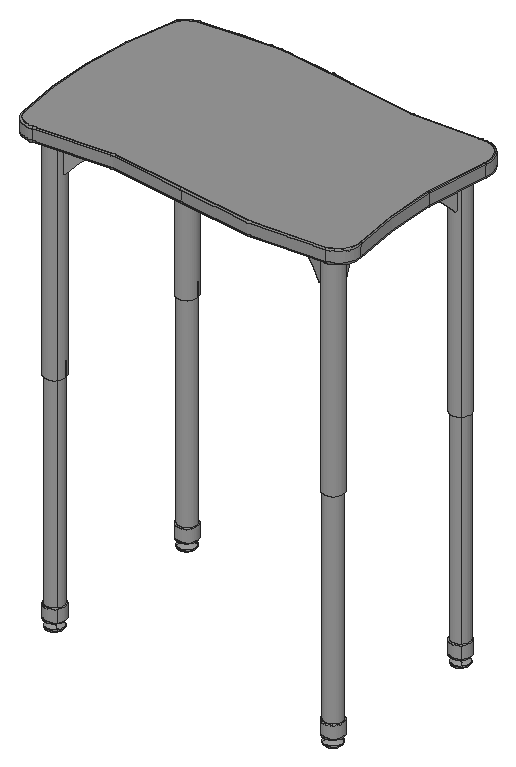
Revit family "Hierarchy Creator Rectangle Desk - Standing Height", category Furniture, Revit 2018
Family settings
  Work Plane-Based = No
  Always vertical = Yes
  Cut with Voids When Loaded = No
  Shared = No
  Room Calculation Point = No
Parameters
  Surface = Hierarchy Creator Rectangle Desk Standing Surface
  Leg Finish = Hierarchy Leg Platinum
  Edgeband = Hierarchy Creator Rectangle Desk Standing Edgeband
  Desk Height = 3' - 5"
  Caster/Glide = Hierarchy Standing Leg - Glide : Hierarchy Standing Leg - Glide
Reference planes (in)
  plane 1 "Center (Front/Back)": y = 0
  plane 2: z = 0
  plane 3 "Center (Left/Right)": x = 0
  plane 4: z = 41
Dimensions and locks (in)
  "Desk Height": plane 4 to level
  aligned and locked: plane 2 to level
  aligned and locked: nested 3 to plane 4
Nested families (in)
  nested 1: "Hierarchy Standing Leg - Glide" at (12.1883918, -8.7945482, 0) x (-0.7071, -0.7071, 0) z (0, 0, 1), Leg Height <- "Desk Height", Leg Finish <- "Leg Finish", type "Hierarchy Standing Leg - Glide"
    with Leg Height 3' - 5", Leg Finish Hierarchy Leg Platinum
  nested 2: "Hierarchy Standing Leg - Glide" at (12.0254135, 6.1082019, 0) x (0.7071, -0.7071, 0) z (0, 0, 1), Leg Height <- "Desk Height", Leg Finish <- "Leg Finish", type "Hierarchy Standing Leg - Glide"
    with Leg Height 3' - 5", Leg Finish Hierarchy Leg Platinum
  nested 3: "Creator Rectangle Desk Tabletop" at (0, 0, 27.977879), type "Creator Rectangle Desk Tabletop"
  nested 4: "Hierarchy Standing Leg - Glide" at (-14.056872, 7.1532149, 0) x (-0.7242, -0.6896, 0) z (0, 0, 1), Leg Height <- "Desk Height", type <- "Caster/Glide", Leg Finish <- "Leg Finish", type "Hierarchy Standing Leg - Glide"
  nested 5: "Hierarchy Standing Leg - Glide" at (-14.1376603, -8.0009754, 0) x (-0.8117, 0.5841, 0) z (0, 0, 1), type <- "Caster/Glide", Leg Finish <- "Leg Finish", Leg Height <- "Desk Height", type "Hierarchy Standing Leg - Glide"
Definition of nested family "Hierarchy Standing Leg - Glide"
  Parameters (values of type "Hierarchy Standing Leg - Glide")
    Leg Finish [instance] = none
    Leg Height [instance] = 3' - 5"
  Reference planes (in)
    plane 1 "Center (Front/Back)": y = 0
    plane 2: z = 0
    plane 3 "Center (Left/Right)": x = 0
  Forms (in)
    Extrusion 1, solid
      sketch origin (-0.015625, 0, 0) x (1, 0, 0) y (0, 1, 0)
        loop
          circle (0.015625, 0) r 0.791468
      from 2 to 23.175
    Revolve 2, solid
      sketch origin (0, 0, 0) x (1, 0, 0) y (0, 0, 1)
        loop
          line (0, 2) -> (0, 0.7493718) -> (0.8483817, 0.7493718)
          arc (0.8483817, 0.7493718) -> (0.8934195, 0.768027) -> (0.9120748, 0.8130649) r 0.0636931
          line (0.9120748, 0.8130649) -> (0.9120748, 1.9363069)
          arc (0.9120748, 1.9363069) -> (0.8934195, 1.9813447) -> (0.8483817, 2) r 0.0636931
          line (0.8483817, 2) -> (0, 2)
        axis (0, 2) -> (0, 0.7493718)
      angle from 0 to 360
    Revolve 3, solid
      sketch origin (0, 0, 0) x (1, 0, 0) y (0, 0, 1)
        loop
          line (0, 0.75) -> (0, 0) -> (0.7458324, 0) -> (0.791468, 0.0901286) -> (0.791468, 0.1624113) -> (0.1247431, 0.5) -> (0.1247431, 0.75) -> (0, 0.75)
        axis (0, 0.75) -> (0, 0)
      angle from 0 to 360
  Dimensions and locks (in)
    "Leg Height": nested 1 to level
    aligned and locked: plane 2 to level
  Automatic sketch dimensions
    plane 1 "Center (Front/Back)" to Extrusion 1 sketch curve = 0' - 0"
    Extrusion 1 sketch curve to plane 3 "Center (Left/Right)" = 0' - 0"
    Revolve 2 sketch curve to plane 3 "Center (Left/Right)" = 0' - 0"  (x2)
    plane 3 "Center (Left/Right)" to Revolve 2 sketch curve = 0' - 0.84838"
    Revolve 2 sketch curve to Revolve 2 sketch curve = 0' - 0.84838"
    Revolve 2 sketch curve to Revolve 2 sketch curve = 0' - 0.06369"
    level to Revolve 2 sketch curve = 0' - 0.74937"
    Revolve 2 sketch curve to Revolve 2 sketch curve = 0' - 1.12324"
    Revolve 2 sketch curve to Revolve 2 sketch curve = 0' - 0.13731"
    Revolve 2 sketch curve to Revolve 2 sketch curve = 0' - 0 3/4"
    Revolve 3 sketch curve to plane 3 "Center (Left/Right)" = 0' - 0"  (x2)
    Revolve 3 sketch curve to level = 0' - 0"
    plane 3 "Center (Left/Right)" to Revolve 3 sketch curve = 0' - 0.12474"
    plane 3 "Center (Left/Right)" to Revolve 3 sketch curve = 0' - 0.74583"
    Revolve 3 sketch curve to Revolve 3 sketch curve = 0' - 0.04564"
    level to Revolve 3 sketch curve = 0' - 0.09013"
    Revolve 3 sketch curve to Revolve 3 sketch curve = 0' - 0.07228"
    level to Revolve 3 sketch curve = 0' - 0 1/2"
    Revolve 3 sketch curve to Revolve 3 sketch curve = 0' - 0 1/4"
    Revolve 3 sketch curve to level = 0' - 0 1/8"
    Revolve 3 sketch curve to Revolve 3 sketch curve = 0' - 0 1/8"
    radius of Extrusion 1 sketch curve = 0' - 0.79147"
  Nested families (in)
    nested 1: "Hierarchy Standing Upper Leg 2023" at (0, 0, 0.1998346), Leg Finish <- "Leg Finish", type "Hierarchy Standing Upper Leg 2023"
      with Leg Finish none
  Definition of nested family "Hierarchy Standing Upper Leg 2023"
    Parameters (values of type "Hierarchy Standing Upper Leg 2023")
      Leg Finish [instance] = none
    Reference planes (in)
      plane 1 "Center (Front/Back)": y = 0
      plane 2: z = 0
      plane 3 "Center (Left/Right)": x = 0
    Forms (in)
      Extrusion 1, solid, material <- "Leg Finish"
        sketch origin (0, 0, 0) x (1, 0, 0) y (0, 1, 0)
          loop
            circle (0, 0) r 0.9128992
        from 20.6741811 to 40.6741811
      Extrusion 2, solid, material <- "Leg Finish"
        sketch origin (0, 0, 12.998) x (1, 0, 0) y (0, 1, 0)
          loop
            line (-1.7017431, 0.1918316) -> (-3.9661108, -4.497379)
            arc (-3.9661108, -4.497379) -> (-3.919774, -5.3344399) -> (-3.1861453, -5.7401575) r 0.8661417
            line (-3.1861453, -5.7401575) -> (3.1861453, -5.7401575)
            arc (3.1861453, -5.7401575) -> (3.919774, -5.3344399) -> (3.9661108, -4.497379) r 0.8661417
            line (3.9661108, -4.497379) -> (1.7017431, 0.1918316)
            arc (1.7017431, 0.1918316) -> (0, 1.2598425) -> (-1.7017431, 0.1918316) r 1.8897638
        from 27.6761811 to 27.8021654
      Extrusion 3, solid, material <- "Leg Finish"
        sketch origin (12.4196672, 1.5869239, 0) x (0.434844, 0.900506, 0) y (0, 0, 1)
          loop
            arc (-12.687756, 40.6741811) -> (-12.8055873, 40.5641837) -> (-12.7039434, 40.4390751) r 0.1181102
            arc (-12.7039434, 40.4390751) -> (-9.9819177, 39.5350942) -> (-7.7642591, 37.7161397) r 7.8740157
            arc (-7.7642591, 37.7161397) -> (-7.6334381, 37.6813559) -> (-7.5558663, 37.7922913) r 0.1181102
            line (-7.5558663, 37.7922913) -> (-7.5558663, 40.6741811) -> (-12.687756, 40.6741811)
        from -11.1097626 to -10.9837783
      Extrusion 4, solid, material <- "Leg Finish"
        sketch origin (-12.4196672, 1.5869239, 0) x (-0.434844, 0.900506, 0) y (0, 0, -1)
          loop
            line (-12.687756, -40.6741811) -> (-7.5558663, -40.6741811) -> (-7.5558663, -37.7922913)
            arc (-7.5558663, -37.7922913) -> (-7.6334381, -37.6813559) -> (-7.7642591, -37.7161397) r 0.1181102
            arc (-7.7642591, -37.7161397) -> (-9.9819177, -39.5350942) -> (-12.7039434, -40.4390751) r 7.8740157
            arc (-12.7039434, -40.4390751) -> (-12.8055873, -40.5641837) -> (-12.687756, -40.6741811) r 0.1181102
        from -11.1097626 to -10.9837783
    Dimensions and locks (in)
      aligned and locked: plane 2 to level
Definition of nested family "Creator Rectangle Desk Tabletop"
  Parameters (values of type "Creator Rectangle Desk Tabletop")
    Surface = none
    Edgeband = none
  Reference planes (in)
    plane 1 "Center (Front/Back)": y = 0
    plane 2: z = 0
    plane 3 "Center (Left/Right)": x = 0
  Forms (in)
    Extrusion 1, solid, material <- "Surface"
      sketch origin (0, 0, 0) x (1, 0, 0) y (0, 1, 0)
        loop
          arc (-14.7711104, 9.2637868) -> (-15.6423797, 8.8265909) -> (-16.126355, 7.9804121) r 1.6870501
          arc (-16.126355, 7.9804121) -> (-16.8583056, 3.7355833) -> (-17.1138165, -0.5643049) r 38.686219
          arc (-17.1138165, -0.5643049) -> (-16.904626, -4.7572249) -> (-16.248827, -8.9038218) r 39.2520343
          arc (-16.248827, -8.9038218) -> (-15.5531499, -9.9416273) -> (-14.3338328, -10.2141575) r 1.6834285
          arc (-14.3338328, -10.2141575) -> (-7.3257286, -9.7267749) -> (-0.3449232, -10.5138089) r 38.7155571
          arc (-0.3449232, -10.5138089) -> (6.4480991, -11.2925763) -> (13.2717012, -10.8565878) r 38.4742498
          arc (13.2717012, -10.8565878) -> (14.4036478, -10.1488648) -> (14.6689672, -8.8405145) r 1.6901988
          arc (14.6689672, -8.8405145) -> (14.0043087, -4.4436047) -> (13.834119, 0) r 39.8144495
          arc (13.834119, 0) -> (13.9990242, 2.9658974) -> (14.3883538, 5.9107511) r 39.1455127
          arc (14.3883538, 5.9107511) -> (13.8078251, 7.8273837) -> (11.9264028, 8.5134916) r 2.2396555
          arc (11.9264028, 8.5134916) -> (5.7449398, 8.2944394) -> (-0.3949098, 9.0432483) r 39.4923984
          arc (-0.3949098, 9.0432483) -> (-7.5726513, 9.8287755) -> (-14.7711104, 9.2637868) r 38.6007238
      from 13.022121 to 14.2720642
    Sweep 2, solid, material <- "Edgeband"
      path origin (0, 0, 0) x (1, 0, 0) y (0, 1, 0)
        loop
          arc (-0.3949098, 9.0432483) -> (-7.5726513, 9.8287755) -> (-14.7711104, 9.2637868) r 38.6007238
          arc (-14.7711104, 9.2637868) -> (-15.6423797, 8.8265909) -> (-16.126355, 7.9804121) r 1.6870501
          arc (-16.126355, 7.9804121) -> (-16.8583056, 3.7355833) -> (-17.1138165, -0.5643049) r 38.686219
          arc (-17.1138165, -0.5643049) -> (-16.904626, -4.7572249) -> (-16.248827, -8.9038218) r 39.2520343
          arc (-16.248827, -8.9038218) -> (-15.5531499, -9.9416273) -> (-14.3338328, -10.2141575) r 1.6834285
          arc (-14.3338328, -10.2141575) -> (-7.3257286, -9.7267749) -> (-0.3449232, -10.5138089) r 38.7155571
          arc (-0.3449232, -10.5138089) -> (6.4480991, -11.2925763) -> (13.2717012, -10.8565878) r 38.4742498
          arc (13.2717012, -10.8565878) -> (14.4036478, -10.1488648) -> (14.6689672, -8.8405145) r 1.6901988
          arc (14.6689672, -8.8405145) -> (14.0043087, -4.4436047) -> (13.834119, 0) r 39.8144495
          arc (13.834119, 0) -> (13.9990242, 2.9658974) -> (14.3883538, 5.9107511) r 39.1455127
          arc (14.3883538, 5.9107511) -> (13.8078251, 7.8273837) -> (11.9264028, 8.5134916) r 2.2396555
          arc (11.9264028, 8.5134916) -> (5.7449398, 8.2944394) -> (-0.3949098, 9.0432483) r 39.4923984
      profile origin (-7.5726513, 9.8287755, 0) x (-0.015339, -0.999882, 0) y (0, 0, 1)
        loop
          line (0, 13.0221778) -> (0, 14.2720642)
          arc (0, 14.2720642) -> (-0.0884112, 14.2331119) -> (-0.1247186, 14.1435821) r 0.1285389
          line (-0.1247186, 14.1435821) -> (-0.1247186, 13.1506599)
          arc (-0.1247186, 13.1506599) -> (-0.0884112, 13.06113) -> (0, 13.0221778) r 0.1285389
  Dimensions and locks (in)
    aligned and locked: plane 2 to level
